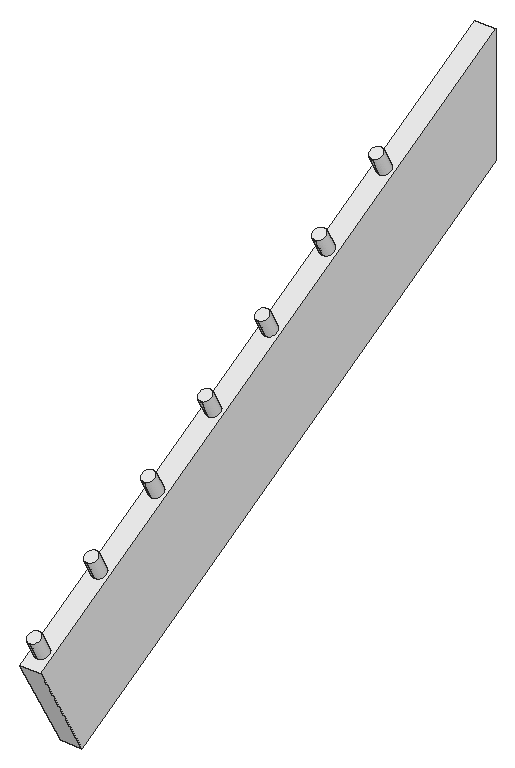
Revit family "Bracket_BR-WATERFALL_Rakks", category Specialty Equipment, Revit 2026
Family settings
  Round Connector Dimension = Use Diameter
  Part Type = Normal
  Classification Number = 23.40.50.31.11.14
  Work Plane-Based = No
  Enable Cutting in Views = No
  Always vertical = Yes
  Cut with Voids When Loaded = No
  Maintain Annotation Orientation = No
  Shared = Yes
  Room Calculation Point = No
Parameters
  Warranty Duration (Years) = 0
  Unit Depth = 0' - 8"
  URL = "http://www.rakks.com/"
  Test Data = "http://www.rakks.com/pdfs/Rangine_Corporation_Leed_Statement.pdf"
  Specification = "http://www.arcat.com/sdspecs/htm/10670rak.htm"
  Slant Angle from Vertical = 60.00°
  Send Message = "http://www.arcat.com/users.pl?action=UserEmail&company=Rangine%20Corp.%20-%20Rakks&coid=35076&rep=116&fax=781-455-8702&mf="
  Sales Information = "http://store.rakks.com/"
  Pin Spacing = 0' - 1"
  Pin Quantity = 7
  Default Elevation = 0' - 0"
  Bracket Thickness = 0' - 0 1/4"
  Bracket Depth = 0' - 1 1/4"
  Revision = "R1_03-2010"
  Product Properties = "http://www.arcat.com/bim/bim_info.pl?fn=Shelving_Rakks"
  Product Data = "http://www.arcat.com/arcatcos/cos35/arc35076.html"
  Model = ""
  Material = Metal - Clear Anodized
  Manufacturer Website = "http://www.rakks.com/"
  Manufacturer Phone - Toll Free = "800-826-6006"
  Manufacturer Phone = "781-455-8700"
  Manufacturer Fax = "781-455-8702"
  Manufacturer Address = "330 Reservoir St., Needham, MA 02494"
  Manufacturer = "Rangine Corp. - Rakks"
  Maintenance Schedule (Months) = 0
  Keynote = "10 56 00"
  Installation-Fabrication = "http://www.rakks.com/literature/install.html"
  Installation Phase = ""
  Green Building-LEED = "http://www.arcat.com/green/clients/leed_data_35076.html"
  Expected Lifespan (Years) = 0
  Drawn By = "Robert S. Weygant, CSI, CDT, SCIP"
  Description = ""
  Copyright = "2010, ARCAT, Inc"
  Construction Details = "http://www.arcat.com/details/rangine/rangine.html?coid=35076"
  Capacity (Weight) = 0.00 lbf
  Building Codes = ""
  Assembly Code = "E1010500"
Reference planes (in)
  plane 1 "Back": y = 0
  plane 2: z = 0
  plane 3 "Center (Left/Right)": x = 0
  plane 4: x = -0.125
  plane 5: x = 0.125
  plane 6 "Mounting Face": y = -0.75
Forms (in)
  Extrusion 1, solid, material "Metal - Clear Anodized" <- "Material"
    sketch origin (0, 0, -0.5821) x (0, 1, 0) y (0, 0, 1)
      loop
        line (0, 0.5821) -> (-6.9282, -3.4179) -> (-6.3032, -4.50043) -> (0, -0.86128) -> (0, 0.5821)
    from -0.125 to 0.125
Lines and regions (in)
  reference lines
    curve 1: line (0, 0, 0) -> (0, -13.42339, -7.75)
    curve 2: line (0, 0.4459, -1.18593) -> (0, -4.41081, -3.98996)
    curve 3: line (0, -6.9282, -4) -> (0, -5.83217, -5.89839)
Dimensions and locks (in)
  equal spacing: plane 5, plane 3 "Center (Left/Right)", plane 4
  "Bracket Thickness": plane 5 to plane 4
  "Bracket Depth": curve 2 to curve 1
  "Unit Depth": curve 1 to curve 3
  locked: nested 1 to curve 3 at 0.21875
  locked: curve 3 to curve 1 (angle 90.00°)
  "Slant Angle from Vertical": angle plane 1 "Back" to curve 1
  aligned and locked: Extrusion 1 to plane 4
  aligned and locked: plane 5 to Extrusion 1
  aligned and locked: Extrusion 1 sketch curve to curve 1
  aligned and locked: Extrusion 1 sketch curve to curve 2
  aligned and locked: Extrusion 1 sketch curve to curve 3
Automatic sketch dimensions
  Extrusion 1 sketch curve to plane 1 "Back" = 0' - 0"
  curve 1 to level = 0' - 0"
  curve 1 to plane 1 "Back" = 0' - 0"
  curve 2 to level = 0' - 3.98996"
  curve 2 to plane 1 "Back" = 0' - 0.4459"
Nested families (in)
  nested 1: "BR-RP_array_Rakks" at (0, -6.73876, -3.89063) x (1, -0.0006, -0.0004) z (0, -0.5, 0.866), type "BR-RP_array_Rakks"
    with Pin Quantity 7
Definition of nested family "BR-RP_array_Rakks"
  Parameters
    Warranty Duration (Years) = 0
    URL = "http://www.rakks.com/"
    Test Data = "http://www.rakks.com/pdfs/Rangine_Corporation_Leed_Statement.pdf"
    Specification = "http://www.arcat.com/sdspecs/htm/10670rak.htm"
    Send Message = "http://www.arcat.com/users.pl?action=UserEmail&company=Rangine%20Corp.%20-%20Rakks&coid=35076&rep=116&fax=781-455-8702&mf="
    Sales Information = "http://store.rakks.com/"
    Revision = "R1_03-2010"
    Product Properties = "http://www.arcat.com/bim/bim_info.pl?fn=Shelving_Rakks"
    Product Data = "http://www.arcat.com/arcatcos/cos35/arc35076.html"
    Pin Spacing = 0' - 1"
    Pin Quantity = 6
    Model = ""
    Material = none
    Manufacturer Website = "http://www.rakks.com/"
    Manufacturer Phone - Toll Free = "800-826-6006"
    Manufacturer Phone = "781-455-8700"
    Manufacturer Fax = "781-455-8702"
    Manufacturer Address = "330 Reservoir St., Needham, MA 02494"
    Manufacturer = "Rangine Corp. - Rakks"
    Maintenance Schedule (Months) = 0
    Keynote = "10 56 00"
    Installation-Fabrication = "http://www.rakks.com/literature/install.html"
    Installation Phase = ""
    Green Building-LEED = "http://www.arcat.com/green/clients/leed_data_35076.html"
    Expected Lifespan (Years) = 0
    Drawn By = "Robert S. Weygant, CSI, CDT, SCIP"
    Description = ""
    Default Elevation = 0' - 0"
    Copyright = "2010, ARCAT, Inc"
    Construction Details = "http://www.arcat.com/details/rangine/rangine.html?coid=35076"
    Capacity (Weight) = 0.00 lbf
    Building Codes = ""
    Assembly Code = "E1010500"
  Reference planes (in)
    plane 1 "Center (Front/Back)": y = 0
    plane 2: z = 0
    plane 3 "Center (Left/Right)": x = 0
  Forms (in)
    Sweep 1, solid, material <- "Material"
      path in 3D
        loop
          line (0, 0, 0) -> (0, 0, 0.25)
      profile "PR-Circle : PR-Circle" origin (0, 0, 0.125) x (0, -1, 0) y (1, 0, 0)
        loop
          circle (0, 0) r 0.07813
    Sweep 2, solid, material <- "Material"
      path in 3D
        loop
          line (0, 1, 0) -> (0, 1, 0.25)
      profile "PR-Circle : PR-Circle" origin (0, 1, 0.125) x (0, -1, 0) y (1, 0, 0)
        loop
          circle (0, 0) r 0.07813
    Sweep 3, solid, material <- "Material"
      path in 3D
        loop
          line (0, 2, 0) -> (0, 2, 0.25)
      profile "PR-Circle : PR-Circle" origin (0, 2, 0.125) x (0, -1, 0) y (1, 0, 0)
        loop
          circle (0, 0) r 0.07813
    Sweep 4, solid, material <- "Material"
      path in 3D
        loop
          line (0, 3, 0) -> (0, 3, 0.25)
      profile "PR-Circle : PR-Circle" origin (0, 3, 0.125) x (0, -1, 0) y (1, 0, 0)
        loop
          circle (0, 0) r 0.07813
    Sweep 5, solid, material <- "Material"
      path in 3D
        loop
          line (0, 4, 0) -> (0, 4, 0.25)
      profile "PR-Circle : PR-Circle" origin (0, 4, 0.125) x (0, -1, 0) y (1, 0, 0)
        loop
          circle (0, 0) r 0.07813
    Sweep 6, solid, material <- "Material"
      path in 3D
        loop
          line (0, 5, 0) -> (0, 5, 0.25)
      profile "PR-Circle : PR-Circle" origin (0, 5, 0.125) x (0, -1, 0) y (1, 0, 0)
        loop
          circle (0, 0) r 0.07813
  Lines and regions (in)
    reference lines
      curve 1: line (0, 0, 0) -> (0, 0, 0.25)
      curve 3: line (0, 1, 0) -> (0, 1, 0.25)
      curve 5: line (0, 2, 0) -> (0, 2, 0.25)
      curve 7: line (0, 3, 0) -> (0, 3, 0.25)
      curve 9: line (0, 4, 0) -> (0, 4, 0.25)
      curve 11: line (0, 5, 0) -> (0, 5, 0.25)
    sketch lines
      curve 2: line (0, 0, 0) -> (0, 0, 0.25)
      curve 4: line (0, 1, 0) -> (0, 1, 0.25)
      curve 6: line (0, 2, 0) -> (0, 2, 0.25)
      curve 8: line (0, 3, 0) -> (0, 3, 0.25)
      curve 10: line (0, 4, 0) -> (0, 4, 0.25)
      curve 12: line (0, 5, 0) -> (0, 5, 0.25)
  Dimensions and locks (in)
    equal spacing: group 1, group 2, group 3, group 4, group 5, group 6  (x3)
    "Pin Spacing": curve 3 to plane 1 "Center (Front/Back)"
    aligned and locked: plane 3 "Center (Left/Right)" to curve 1
